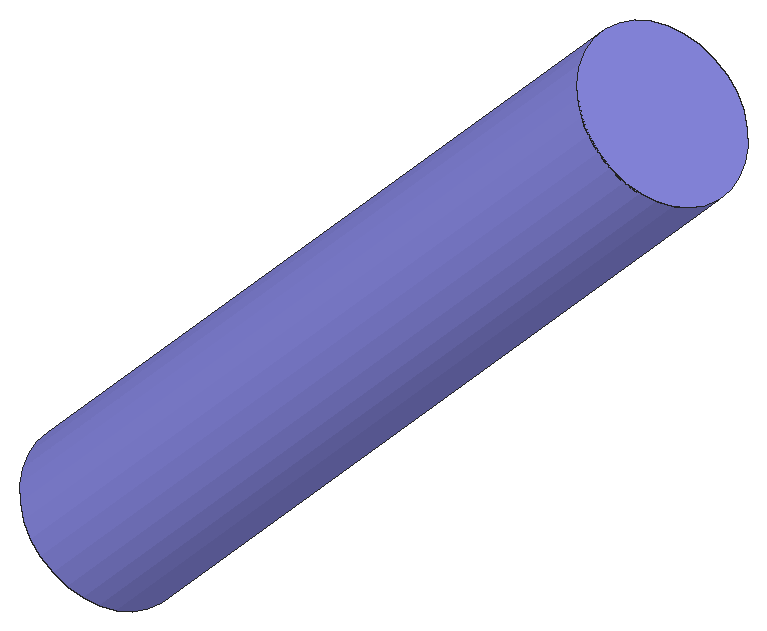
Revit family "配管サポート_鋼管（STK） 1", category Generic Models, Revit 2020
Family settings
  Can host rebar = No
  Round Connector Dimension = Use Diameter
  Part Type = Normal
  Work Plane-Based = Yes
  Always vertical = No
  Cut with Voids When Loaded = No
  Shared = No
  Room Calculation Point = No
Parameters (values of type "STK 101.6mm")
  長辺 [instance] = 長さ  # 500 mm
  長さ [instance] = 500 mm
  部屋名 = ""
  角度 [instance] = 45.00°
  直径 = 101.6 mm
  Default Elevation = 1219.2 mm
  構造マテリアル = E102_配管サポート
  半径 = 直径 / 2  # 50.8 mm
Types (29, lengths in mm): name | 直径 | 半径
  STK 101.6mm | 101.6 | 50.8
  STK 1016.0mm | 1016 | 508
  STK 114.3mm | 114.3 | 57.15
  STK 139.8mm | 139.8 | 69.9
  STK 165.2mm | 165.2 | 82.6
  STK 190.7mm | 190.7 | 95.35
  STK 21.7mm | 21.7 | 10.85
  STK 216.3mm | 216.3 | 108.15
  STK 267.4mm | 267.4 | 133.7
  STK 27.2mm | 27.2 | 13.6
  STK 318.5mm | 318.5 | 159.25
  STK 34.0mm | 34 | 17
  STK 355.6mm | 355.6 | 177.8
  STK 406.4mm | 406.4 | 203.2
  STK 42.7mm | 42.7 | 21.35
  STK 457.2mm | 457.2 | 228.6
  STK 48.6mm | 48.6 | 24.3
  STK 500.0mm | 500 | 250
  STK 508.0mm | 508 | 254
  STK 558.8mm | 558.8 | 279.4
  STK 60.5mm | 60.5 | 30.25
  STK 600.0mm | 600 | 300
  STK 609.6mm | 609.6 | 304.8
  STK 700.0mm | 700 | 350
  STK 711.2mm | 711.2 | 355.6
  STK 76.3mm | 76.3 | 38.15
  STK 812.8mm | 812.8 | 406.4
  STK 89.1mm | 89.1 | 44.55
  STK 914.4mm | 914.4 | 457.2
Reference planes
  plane 1 "中心(正面/背面)": y = 0
  plane 2: z = 0
  plane 3 "中心(左/右)": x = 0
Lines and regions (mm)
  reference lines
    curve 1: line (0, 0, 0) -> (848.528, 0, 848.528)
    curve 2: line (35.921, 0, -35.921) -> (-35.921, 0, 35.921)
    curve 3: line (389.474, 0, 317.632) -> (317.632, 0, 389.474)
Dimensions and locks
  equal spacing: curve 2, curve 1, curve 2
  "直径": curve 2 to curve 2
  equal spacing: curve 3, curve 1, curve 3
  "直径": curve 3 to curve 3
  "長さ": curve 3 to curve 2
  "角度": angle level to curve 1
  angle curve 2 to curve 1 = 90.00°
  angle curve 3 to curve 1 = 90.00°
  aligned and locked: level to plane 2
  aligned and locked: level to curve 1
  aligned and locked: plane 3 "中心(左/右)" to curve 1
  aligned and locked: nested 1 to curve 1
Nested families
  nested 1: "グレーチング_鋼管（STK）" at (0, 0, 0) x (0.7071, 0, -0.7071) z (0, -1, 0), 長さ <- "長さ", type "STK 21.7mm"
    with 長辺 500 mm, 長さ 500 mm
Definition of nested family "グレーチング_鋼管（STK）"
  Parameters (values of type "STK 21.7mm")
    長辺 [instance] = 長さ  # 1000 mm
    長さ [instance] = 1000 mm
    直径 = 101.6 mm
    Default Elevation = 1219.2 mm
    構造マテリアル = none
    半径 = 直径 / 2  # 50.8 mm
  Reference planes
    plane 1 "中心(正面/背面)": y = 0
    plane 2: z = 0
    plane 3 "中心(左/右)": x = 0
  Forms (mm)
    Extrusion 1, solid, material <- "構造マテリアル"
      sketch origin (0, 0, 0) x (1, 0, 0) y (0, 0, 1)
        loop
          circle (0, 0) r 50.8
      from -1000 to 0
  Lines and regions (mm)
    reference lines
      curve 1: line (50.8, 1000, 0) -> (-50.8, 1000, 0)
      curve 2: line (50.8, 0, 0) -> (-50.8, 0, 0)
  Dimensions and locks
    "長さ": curve 1 to curve 2
    "直径": curve 1 to curve 1
    equal spacing: curve 1, plane 3 "中心(左/右)", curve 1
    "直径": curve 2 to curve 2
    equal spacing: curve 2, plane 3 "中心(左/右)", curve 2
    "半径": radius of Extrusion 1 sketch curve
    aligned and locked: level to plane 2
    aligned and locked: Extrusion 1 to curve 1
    aligned and locked: Extrusion 1 to curve 2
  Automatic sketch dimensions
    Extrusion 1 sketch curve to level = 0 mm
    Extrusion 1 sketch curve to plane 3 "中心(左/右)" = 0 mm
    plane 1 "中心(正面/背面)" to curve 2 = 0 mm
